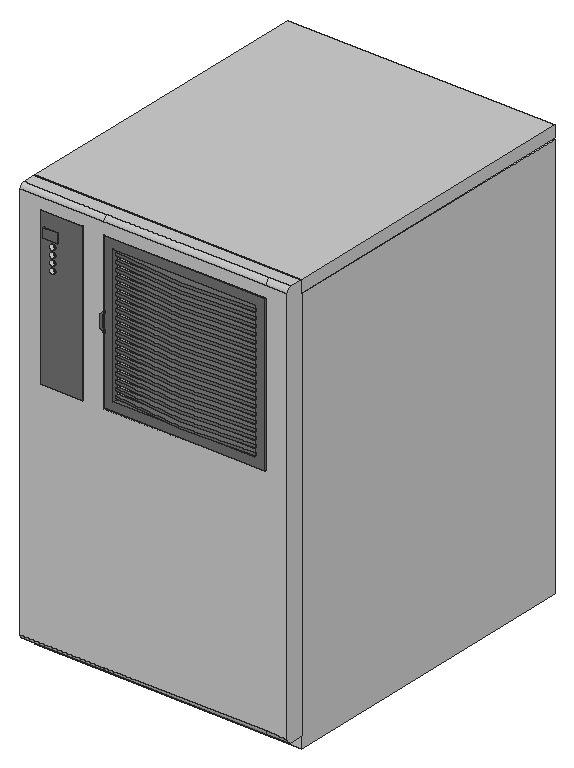
Revit family "QF_HOSHIZAKI_IM-240ANE-23", category Specialty Equipment, Revit 2016
Family settings
  Part Type = Normal
  Round Connector Dimension = Use Diameter
  OmniClass Number = 23.40.40.14
  OmniClass Title = Food Service Equipment
  Work Plane-Based = No
  Always vertical = Yes
  Cut with Voids When Loaded = No
  Shared = No
  Room Calculation Point = No
Parameters (values of type "IM-240ANE-23_230V/1Ph/50Hz")
  Weight = 80.00 kg
  Waste Remarks [instance] = ""
  Volts = 230 V
  URL Cutsheet = ""
  URL = "www.hoshizaki-europe.com"
  Status [instance] = ""
  Specification by User [instance] = ""
  Specification by Manufacturer [instance] = ""
  Serial Number = ""
  Seismic Rating = ""
  SMACNA No = ""
  Revision Code [instance] = ""
  Phase = 1
  Number of Poles = 2
  NAFEM Spec ID Number = ""
  Model = "IM-240ANE-23"
  Min Ckt Ampacity = 0 A
  Max Overcurrent Protection = 0 A
  Masterspec = ""
  Manufacturer = "HOSHIZAKI"
  Length Actual = 560 mm
  Item Number [instance] = ""
  Installed By [instance] = ""
  Indirect Waste Size = 19.05 mm
  Indirect Waste Connection Type [instance] = ""
  Indirect Waste Connection Height [instance] = 40 mm
  Identify Quantity as Lot [instance] = no
  Height Actual = 880 mm
  HP power = ""
  Furnished By [instance] = ""
  Foodservice Equipment Identifier [instance] = yes
  FL Amps = 20 A
  Electric power = 1320 W
  Electric Connection Type [instance] = ""
  Elec Conn RI Height [instance] = 0 mm
  Elec Conn Connection Height [instance] = 770 mm
  Direct Waste RI Height [instance] = 0 mm
  Description = "MODULAR IM ICE MAKER, 240KG PER 24 HOURS, MEDIUM CUBE"
  Depth Actual = 700 mm
  Cycle = 50 Hz
  Cost = 0
  Conn Plug = ""
  Conn Conduit = no
  Cold Water Temperature Recommended = 0 °C
  Cold Water Size = 19.05 mm
  Cold Water Flow = 0.0 L/s
  Cold Water Connection Height [instance] = 415 mm
  CSI MasterFormat = ""
  Assembly Code = "E1090320"
  Apparent Power = 1320 VA
  Accessory = no
Types (2, lengths in mm): name | Volts | Cycle
  IM-240ANE-23_230V/1Ph/50Hz | 230 V | 50 Hz
  IM-240ANE-23_240V/1Ph/60Hz | 240 V | 60 Hz
Reference planes
  plane 1 "Center (Front/Back)": y = 0
  plane 2: z = 0
  plane 3 "Center (Left/Right)": x = 0
Forms (mm)
  Extrusion 1, solid, not visible
    sketch origin (48, -2, 414) x (1, 0, 0) y (0, 1, 0)
      loop
        line (0, 0) -> (2, 0) -> (2, 2) -> (0, 2) -> (0, 0)
    from 0 to 2
  Extrusion 2, solid, not visible
    sketch origin (71, -2, 39) x (1, 0, 0) y (0, 1, 0)
      loop
        line (0, 0) -> (2, 0) -> (2, 2) -> (0, 2) -> (0, 0)
    from 0 to 2
  Extrusion 3, solid, not visible
    sketch origin (31, -17, 769) x (1, 0, 0) y (0, 1, 0)
      loop
        line (0, 0) -> (2, 0) -> (2, 2) -> (0, 2) -> (0, 0)
    from 0 to 2
  Extrusion 4, solid, not visible
    sketch origin (48, -2, 414) x (1, 0, 0) y (0, 1, 0)
      loop
        line (0, 0) -> (2, 0) -> (2, 2) -> (0, 2) -> (0, 0)
    from 0 to 2
  Extrusion 5, solid, not visible
    sketch origin (71, -2, 39) x (1, 0, 0) y (0, 1, 0)
      loop
        line (0, 0) -> (2, 0) -> (2, 2) -> (0, 2) -> (0, 0)
    from 0 to 2
  Extrusion 6, solid, not visible
    sketch origin (31, -17, 769) x (1, 0, 0) y (0, 1, 0)
      loop
        line (0, 0) -> (2, 0) -> (2, 2) -> (0, 2) -> (0, 0)
    from 0 to 2
Dimensions and locks
  aligned and locked: level to plane 2
Nested families
  nested 1: "QF_HOSHIZAKI_IM-240ANE-23_230V_1Ph_50Hz" at (0, 0, 0), type "IM-240ANE-23_230V/1Ph/50Hz"
    with Waste Water Discharge Temperature 0 °C, Status "", Specification by User "", Show Clearance yes, Revision Code "", Plumbing Remarks "", Plumbing Connection Type "", Number of Poles 1, Item Number "", Installed By "", Indirect Waste Connection Type "", Indirect Waste Connection Height 40 mm, Identify Quantity as Lot no, Furnished By "", Foodservice Equipment Identifier yes, Electrical Remarks "", Electric Connection Type "", Elec Conn RI Height 0 mm, Elec Conn Connection Height 770 mm, Conn Conduit no, Cold Water RI Height 415 mm, Cold Water Flow 0.0 L/s, Cold Water Consumption "", Cold Water Connection Height 415 mm
Connectors
  piping at (49, 0, 415), diameter 19.05, driven by "Cold Water Size", driven by "Cold Water Flow"
    settings: on Extrusion 1, index 1, connector inside diameter 609.6 mm, connector length 0 mm, flow factor 0, pipe flow 0.0 L/s, pressure drop 0.0 Pa, fitting loss kfactor 0, connector angle 0.00°, fixture units 0, engagement length 0 mm, angle of deflection 0.00°, flow configuration 1, flow direction 1, fitting loss method 0, system type 20, joint type 0, gender type 0, connector reference index -1, connector utility 0, adjustable connector no, is connector primary yes, connector description "Cold Water connection for 'IM-240ANE-23'"
  piping at (72, 0, 40), diameter 19.05, driven by "Indirect Waste Size"
    settings: on Extrusion 2, index 2, connector inside diameter 609.6 mm, connector length 0 mm, flow factor 0, pipe flow 0.0 L/s, pressure drop 0.0 Pa, fitting loss kfactor 0, connector angle 0.00°, fixture units 0, engagement length 0 mm, angle of deflection 0.00°, flow configuration 1, flow direction 2, fitting loss method 0, system type 16, joint type 0, gender type 0, connector reference index -1, connector utility 0, adjustable connector no, is connector primary no, connector description "Drain connection for 'IM-240ANE-23'"
  electrical at (32, -15, 770), driven by "Apparent Power", driven by "Number of Poles", driven by "Volts"
    settings: on Extrusion 3, index 3, voltage 230 V, apparent load 0 VA, apparent load phase1 1320 VA, apparent load phase2 0 VA, apparent load phase3 0 VA, power factor 1, load classification "Other", number of poles 2, system type 31, power factor state 1, is connector primary yes, connector utility no, sub classification motor no, connector description "Electric connection for 'IM-240ANE-23'"
  piping at (49, 0, 415), diameter 19.05, driven by "Cold Water Size", driven by "Cold Water Flow"
    settings: on Extrusion 4, index 4, connector inside diameter 609.6 mm, connector length 0 mm, flow factor 0, pipe flow 0.0 L/s, pressure drop 0.0 Pa, fitting loss kfactor 0, connector angle 0.00°, fixture units 0, engagement length 0 mm, angle of deflection 0.00°, flow configuration 1, flow direction 1, fitting loss method 0, system type 20, joint type 0, gender type 0, connector reference index -1, connector utility 0, adjustable connector no, is connector primary no, connector description "Cold Water connection for 'IM-240ANE-23'"
  piping at (72, 0, 40), diameter 19.05, driven by "Indirect Waste Size"
    settings: on Extrusion 5, index 5, connector inside diameter 609.6 mm, connector length 0 mm, flow factor 0, pipe flow 0.0 L/s, pressure drop 0.0 Pa, fitting loss kfactor 0, connector angle 0.00°, fixture units 0, engagement length 0 mm, angle of deflection 0.00°, flow configuration 1, flow direction 2, fitting loss method 0, system type 16, joint type 0, gender type 0, connector reference index -1, connector utility 0, adjustable connector no, is connector primary no, connector description "Drain connection for 'IM-240ANE-23'"
  electrical at (32, -15, 770), driven by "Apparent Power", driven by "Number of Poles", driven by "Volts"
    settings: on Extrusion 6, index 6, voltage 230 V, apparent load 0 VA, apparent load phase1 1320 VA, apparent load phase2 0 VA, apparent load phase3 0 VA, power factor 1, load classification "Other", number of poles 2, system type 31, power factor state 1, is connector primary no, connector utility no, sub classification motor no, connector description "Electric connection for 'IM-240ANE-23'"
Definition of nested family "QF_HOSHIZAKI_IM-240ANE-23_230V_1Ph_50Hz"
  Parameters (values of type "IM-240ANE-23_230V/1Ph/50Hz")
    Weight in Pounds = 176.3696
    Electric power = 1320 W
    Waste Water Discharge Temperature [instance] = 0 °C
    Volts = 230 V
    URL Cutsheet = "www.hoshizaki-europe.com"
    URL = "www.hoshizaki-europe.com"
    Status [instance] = ""
    Specification by User [instance] = ""
    Specification by Manufacturer = ""
    Show Clearance [instance] = yes
    Serial Number = ""
    Seismic Rating = ""
    SMACNA No = ""
    Revision Code [instance] = ""
    Plumbing Remarks [instance] = ""
    Plumbing Connection Type [instance] = ""
    Phase = 1
    Number of Poles [instance] = 1
    NAFEM Spec ID Number = ""
    Model = "IM-240ANE-23"
    Min Ckt Ampacity = 0 A
    Max Overcurrent Protection = 0 A
    Masterspec = ""
    Manufacturer = "HOSHIZAKI"
    Item Number [instance] = ""
    Installed By [instance] = ""
    Indirect Waste Size = 19.05 mm
    Indirect Waste Flow = 0.0 L/s
    Indirect Waste Connection Type [instance] = ""
    Indirect Waste Connection Height [instance] = 40 mm
    Identify Quantity as Lot [instance] = no
    HP power = "1.770146400000"
    Furnished By [instance] = ""
    Foodservice Equipment Identifier [instance] = yes
    FL Amps = 20 A
    Electrical Remarks [instance] = ""
    Electric Connection Type [instance] = ""
    Elec Conn RI Height [instance] = 0 mm
    Elec Conn Connection Height [instance] = 770 mm
    Description = "MODULAR IM ICE MAKER, 240KG PER 24 HOURS, MEDIUM CUBE"
    Cycle = 50 Hz
    Conn Plug = ""
    Conn Conduit [instance] = no
    Cold Water Temperature Recommended = 35 °C
    Cold Water Size = 19.05 mm
    Cold Water RI Height [instance] = 415 mm
    Cold Water Minimum Pressure = 70000.0 Pa
    Cold Water Maximum Pressure = 780000.0 Pa
    Cold Water Flow [instance] = 0.0 L/s
    Cold Water Consumption [instance] = ""
    Cold Water Connection Height [instance] = 415 mm
    CSI MasterFormat = ""
    Assembly Code = "E1090320"
    Apparent Power = 1320 VA
  Types (12, lengths in mm): name | Weight in Pounds | Electric power | Phase | Model | Indirect Waste Size | Indirect Waste Connection Height | Identify Quantity as Lot | HP power | Elec Conn Connection Height | Description | Conn Conduit | Cold Water Size | Cold Water RI Height | Cold Water Connection Height | Apparent Power
    (no name) | 0 | 0 W | 0 | "" | 0 | 0 | yes | "" | 0 | "" | yes | 0 | 0 | 0 | 0 VA
    IM-130ANE-HC | 149.9142 | 630 W | 1 | "IM-130ANE-HC" | 19.05 | 40 | no | "0.844842600000" | 770 | "EMERALD CLASS IM HYDROCARBON ICE MAKER, 125KG PER 24 HOURS, LARGE CUBE, MODULAR" | no | 12.7 | 415 | 415 | 630 VA
    IM-130ANE-HC-23 | 149.9142 | 630 W | 1 | "IM-130ANE-HC-23" | 19.05 | 40 | no | "0.844842600000" | 770 | "EMERALD CLASS IM HYDROCARBON ICE MAKER, 125KG PER 24 HOURS, MEDIUM CUBE, MODULAR" | no | 12.7 | 415 | 415 | 630 VA
    IM-240ANE-HC | 171.9604 | 930 W | 1 | "IM-240ANE-HC" | 19.05 | 40 | no | "1.247148600000" | 770 | "EMERALD CLASS IM HYDROCARBON ICE MAKER, 235KG PER 24 HOURS, LARGE CUBE, MODULAR" | no | 19.05 | 415 | 415 | 930 VA
    IM-240ANE-HC-21 | 171.9604 | 930 W | 1 | "IM-240ANE-HC-21" | 19.05 | 40 | no | "1.247148600000" | 770 | "EMERALD CLASS IM HYDROCARBON ICE MAKER, 235KG PER 24 HOURS, EXTRA SMALL CUBE, MODULAR" | no | 19.05 | 415 | 415 | 930 VA
    IM-240ANE-HC-23 | 171.9604 | 930 W | 1 | "IM-240ANE-HC-23" | 19.05 | 40 | no | "1.247148600000" | 770 | "EMERALD CLASS IM HYDROCARBON ICE MAKER, 235KG PER 24 HOURS, MEDIUM CUBE, MODULAR" | no | 19.05 | 415 | 415 | 930 VA
    IM-240ANE-HC-32 | 171.9604 | 930 W | 1 | "IM-240ANE-HC-32" | 19.05 | 40 | no | "1.247148600000" | 770 | "EMERALD CLASS IM HYDROCARBON ICE MAKER, 235KG PER 24 HOURS, EXTRA LARGE CUBE, MODULAR" | no | 19.05 | 415 | 415 | 930 VA
    IM-240ANE | 176.3696 | 1320 W | 1 | "IM-240ANE" | 19.05 | 40 | no | "1.770146400000" | 770 | "MODULAR IM ICE MAKER, 240KG PER 24 HOURS, LARGE CUBE" | no | 19.05 | 415 | 415 | 1320 VA
    IM-240ANE-21 | 176.3696 | 1320 W | 1 | "IM-240ANE-21" | 19.05 | 40 | no | "1.770146400000" | 770 | "MODULAR IM ICE MAKER, 240KG PER 24 HOURS, EXTRA SMALL CUBE" | no | 19.05 | 415 | 415 | 1320 VA
    IM-240ANE-23_230V/1Ph/50Hz | 176.3696 | 1320 W | 1 | "IM-240ANE-23" | 19.05 | 40 | no | "1.770146400000" | 770 | "MODULAR IM ICE MAKER, 240KG PER 24 HOURS, MEDIUM CUBE" | no | 19.05 | 415 | 415 | 1320 VA
    IM-240AWNE | 176.3696 | 1320 W | 1 | "IM-240AWNE" | 19.05 | 40 | no | "1.770146400000" | 770 | "MODULAR IM ICE MAKER, 240KG PER 24 HOURS, LARGE CUBE, WATER COOLED" | no | 19.05 | 415 | 415 | 1320 VA
    IM-240AWNE-23 | 176.3696 | 1320 W | 1 | "IM-240AWNE-23" | 19.05 | 40 | no | "1.770146400000" | 770 | "MODULAR IM ICE MAKER, 240KG PER 24 HOURS, MEDIUM CUBE, WATER COOLED" | no | 19.05 | 415 | 415 | 1320 VA
  Values of the unnamed type that differ from the named types
    Waste Water Discharge Temperature = -273.15 °C
    Volts = 0 V
    URL Cutsheet = ""
    URL = ""
    Manufacturer = ""
    FL Amps = 0 A
    Cycle = 0 Hz
    Cold Water Temperature Recommended = -273.15 °C
    Cold Water Minimum Pressure = 0.0 Pa
    Cold Water Maximum Pressure = 0.0 Pa
  Reference planes
    plane 1 "Back": y = 0
    plane 2: z = 0
    plane 3 "Left": x = 0
    plane 4 "Right": x = 560
    plane 5 "Front": y = -700
    plane 6 "Top": z = 880
  Forms (mm)
    Extrusion 1, solid
      sketch origin (0, 0, 40) x (0, 1, 0) y (0, 0, 1)
        loop
          line (0, -40) -> (0, 813) -> (-663, 813) -> (-663, -40) -> (0, -40)
      from 0 to 560
    Extrusion 2, solid
      sketch origin (-357.75, -249, 573) x (0, 1, 0) y (0, 0, 1)
        loop
          line (-414, -550) -> (-414, 307) -> (-441, 307)
          arc (-441, 307) -> (-448.071, 304.071) -> (-451, 297) r 10
          line (-451, 297) -> (-451, -540)
          arc (-451, -540) -> (-448.071, -547.071) -> (-441, -550) r 10
          line (-441, -550) -> (-414, -550)
      from 533.75 to 357.75
    Extrusion 3, solid
      sketch origin (0, 0, 185) x (0, 1, 0) y (0, 0, 1)
        loop
          line (-663, 695) -> (-663, 670) -> (0, 670) -> (0, 695) -> (-663, 695)
      from 560 to 0
    Extrusion 4, solid
      sketch origin (-59.168, -700, 607.328) x (1, 0, 0) y (0, 0, 1)
        loop
          line (103.168, 239.672) -> (103.168, -87.328) -> (191.168, -87.328) -> (191.168, 239.672) -> (103.168, 239.672)
      from 0 to 2
    Extrusion 5, solid
      sketch origin (-184.608, -702, 607.328) x (1, 0, 0) y (0, 0, 1)
        loop
          line (235.856, 210.572) -> (235.856, 190.572) -> (265.856, 190.572) -> (265.856, 210.572) -> (235.856, 210.572)
      from 0 to 2
    Extrusion 6, solid
      sketch origin (-177.859, -702, 607.328) x (1, 0, 0) y (0, 0, 1)
        loop
          circle (248.239, 179.635) r 5
        loop
          circle (248.239, 164.635) r 5
        loop
          circle (248.239, 149.635) r 5
        loop
          circle (248.239, 134.635) r 5
      from 0 to 2
    Extrusion 7, solid
      sketch origin (205.924, 29, 647) x (0, 1, 0) y (0, 0, 1)
        loop
          line (-29, 123) -> (16, 123) -> (16, 164.349) -> (0, 192.062) -> (0, 206) -> (-29, 206) -> (-29, 123)
      from -147.876 to -200
    Extrusion 8, solid
      sketch origin (72, 33, 40) x (1, 0, 0) y (0, 0, 1)
        loop
          circle (0, 0) r 14
        loop
          circle (0, 0) r 12
      from 0 to 33
    Extrusion 9, solid
      sketch origin (49, 33, 415) x (1, 0, 0) y (0, 0, 1)
        loop
          circle (0, 0) r 14
        loop
          circle (0, 0) r 12
      from 4 to 33
    Extrusion 10, solid
      sketch origin (516, -249, 573) x (0, 1, 0) y (0, 0, 1)
        loop
          line (-414, -550) -> (-414, 307) -> (-441, 307)
          arc (-441, 307) -> (-448.071, 304.071) -> (-451, 297) r 10
          line (-451, 297) -> (-451, -540)
          arc (-451, -540) -> (-448.071, -547.071) -> (-441, -550) r 10
          line (-441, -550) -> (-414, -550)
      from 0 to 44
    Extrusion 11, solid
      sketch origin (176, -249, 573) x (0, 1, 0) y (0, 0, 1)
        loop
          line (-414, -550) -> (-414, -53) -> (-451, -53) -> (-451, -540)
          arc (-451, -540) -> (-448.071, -547.071) -> (-441, -550) r 10
          line (-441, -550) -> (-414, -550)
        loop
          line (-451, 297) -> (-451, 274) -> (-414, 274) -> (-414, 307) -> (-441, 307)
          arc (-441, 307) -> (-448.071, 304.071) -> (-451, 297) r 10
      from 0 to 340
    Extrusion 12, solid
      sketch origin (60.75, -852, 508) x (1, 0, 0) y (0, 0, 1)
        loop
          line (117.25, 337) -> (117.25, 14) -> (453.25, 14) -> (453.25, 337) -> (117.25, 337)
        loop
          line (135.25, 319) -> (135.25, 32) -> (435.25, 32) -> (435.25, 319) -> (135.25, 319)
      from -150 to -160
    Extrusion 13, solid
      sketch origin (60.75, -249, 650) x (1, 0, 0) y (0, 1, 0)
        loop
          line (135.25, -443) -> (135.25, -448.703)
          arc (135.25, -448.703) -> (285.097, -461.54) -> (435.25, -453) r 1057.927
          line (435.25, -453) -> (435.25, -443) -> (135.25, -443)
      from 0 to 5
    Extrusion 14, solid
      sketch origin (60.75, -249, 665) x (1, 0, 0) y (0, 1, 0)
        loop
          line (135.25, -443) -> (135.25, -448.703)
          arc (135.25, -448.703) -> (285.097, -461.54) -> (435.25, -453) r 1057.927
          line (435.25, -453) -> (435.25, -443) -> (135.25, -443)
      from 0 to 5
    Extrusion 15, solid
      sketch origin (60.75, -249, 680) x (1, 0, 0) y (0, 1, 0)
        loop
          line (135.25, -443) -> (135.25, -448.703)
          arc (135.25, -448.703) -> (285.097, -461.54) -> (435.25, -453) r 1057.927
          line (435.25, -453) -> (435.25, -443) -> (135.25, -443)
      from 0 to 5
    Extrusion 16, solid
      sketch origin (60.75, -249, 695) x (1, 0, 0) y (0, 1, 0)
        loop
          line (135.25, -443) -> (135.25, -448.703)
          arc (135.25, -448.703) -> (285.097, -461.54) -> (435.25, -453) r 1057.927
          line (435.25, -453) -> (435.25, -443) -> (135.25, -443)
      from 0 to 5
    Extrusion 17, solid
      sketch origin (60.75, -249, 710) x (1, 0, 0) y (0, 1, 0)
        loop
          line (135.25, -443) -> (135.25, -448.703)
          arc (135.25, -448.703) -> (285.097, -461.54) -> (435.25, -453) r 1057.927
          line (435.25, -453) -> (435.25, -443) -> (135.25, -443)
      from 0 to 5
    Extrusion 18, solid
      sketch origin (60.75, -249, 725) x (1, 0, 0) y (0, 1, 0)
        loop
          line (135.25, -443) -> (135.25, -448.703)
          arc (135.25, -448.703) -> (285.097, -461.54) -> (435.25, -453) r 1057.927
          line (435.25, -453) -> (435.25, -443) -> (135.25, -443)
      from 0 to 5
    Extrusion 19, solid
      sketch origin (60.75, -249, 740) x (1, 0, 0) y (0, 1, 0)
        loop
          line (135.25, -443) -> (135.25, -448.703)
          arc (135.25, -448.703) -> (285.097, -461.54) -> (435.25, -453) r 1057.927
          line (435.25, -453) -> (435.25, -443) -> (135.25, -443)
      from 0 to 5
    Extrusion 20, solid
      sketch origin (60.75, -249, 755) x (1, 0, 0) y (0, 1, 0)
        loop
          line (135.25, -443) -> (135.25, -448.703)
          arc (135.25, -448.703) -> (285.097, -461.54) -> (435.25, -453) r 1057.927
          line (435.25, -453) -> (435.25, -443) -> (135.25, -443)
      from 0 to 5
    Extrusion 21, solid
      sketch origin (60.75, -249, 770) x (1, 0, 0) y (0, 1, 0)
        loop
          line (135.25, -443) -> (135.25, -448.703)
          arc (135.25, -448.703) -> (285.097, -461.54) -> (435.25, -453) r 1057.927
          line (435.25, -453) -> (435.25, -443) -> (135.25, -443)
      from 0 to 5
    Extrusion 22, solid
      sketch origin (60.75, -249, 785) x (1, 0, 0) y (0, 1, 0)
        loop
          line (135.25, -443) -> (135.25, -448.703)
          arc (135.25, -448.703) -> (285.097, -461.54) -> (435.25, -453) r 1057.927
          line (435.25, -453) -> (435.25, -443) -> (135.25, -443)
      from 0 to 5
    Extrusion 23, solid
      sketch origin (60.75, -249, 800) x (1, 0, 0) y (0, 1, 0)
        loop
          line (135.25, -443) -> (135.25, -448.703)
          arc (135.25, -448.703) -> (285.097, -461.54) -> (435.25, -453) r 1057.927
          line (435.25, -453) -> (435.25, -443) -> (135.25, -443)
      from 0 to 5
    Extrusion 24, solid
      sketch origin (60.75, -249, 815) x (1, 0, 0) y (0, 1, 0)
        loop
          line (135.25, -443) -> (135.25, -448.703)
          arc (135.25, -448.703) -> (285.097, -461.54) -> (435.25, -453) r 1057.927
          line (435.25, -453) -> (435.25, -443) -> (135.25, -443)
      from 0 to 5
    Extrusion 25, solid
      sketch origin (30.75, -900, 451.571) x (1, 0, 0) y (0, 0, 1)
        loop
          line (147.25, 254) -> (138.179, 244.929) -> (138.179, 218.929) -> (147.25, 209.858) -> (147.25, 216.929) -> (143.179, 221) -> (143.179, 242.858) -> (147.25, 246.929) -> (147.25, 254)
      from -198 to -200
    Extrusion 26, solid
      sketch origin (60.75, -249, 590) x (1, 0, 0) y (0, 1, 0)
        loop
          line (135.25, -443) -> (135.25, -448.703)
          arc (135.25, -448.703) -> (285.097, -461.54) -> (435.25, -453) r 1057.927
          line (435.25, -453) -> (435.25, -443) -> (135.25, -443)
      from 0 to 5
    Extrusion 27, solid
      sketch origin (60.75, -249, 605) x (1, 0, 0) y (0, 1, 0)
        loop
          line (135.25, -443) -> (135.25, -448.703)
          arc (135.25, -448.703) -> (285.097, -461.54) -> (435.25, -453) r 1057.927
          line (435.25, -453) -> (435.25, -443) -> (135.25, -443)
      from 0 to 5
    Extrusion 28, solid
      sketch origin (60.75, -249, 620) x (1, 0, 0) y (0, 1, 0)
        loop
          line (135.25, -443) -> (135.25, -448.703)
          arc (135.25, -448.703) -> (285.097, -461.54) -> (435.25, -453) r 1057.927
          line (435.25, -453) -> (435.25, -443) -> (135.25, -443)
      from 0 to 5
    Extrusion 29, solid
      sketch origin (60.75, -249, 635) x (1, 0, 0) y (0, 1, 0)
        loop
          line (135.25, -443) -> (135.25, -448.703)
          arc (135.25, -448.703) -> (285.097, -461.54) -> (435.25, -453) r 1057.927
          line (435.25, -453) -> (435.25, -443) -> (135.25, -443)
      from 0 to 5
    Extrusion 30, solid
      sketch origin (60.75, -249, 545) x (1, 0, 0) y (0, 1, 0)
        loop
          line (135.25, -443) -> (135.25, -448.703)
          arc (135.25, -448.703) -> (285.097, -461.54) -> (435.25, -453) r 1057.927
          line (435.25, -453) -> (435.25, -443) -> (135.25, -443)
      from 0 to 5
    Extrusion 31, solid
      sketch origin (60.75, -249, 560) x (1, 0, 0) y (0, 1, 0)
        loop
          line (135.25, -443) -> (135.25, -448.703)
          arc (135.25, -448.703) -> (285.097, -461.54) -> (435.25, -453) r 1057.927
          line (435.25, -453) -> (435.25, -443) -> (135.25, -443)
      from 0 to 5
    Extrusion 32, solid
      sketch origin (60.75, -249, 575) x (1, 0, 0) y (0, 1, 0)
        loop
          line (135.25, -443) -> (135.25, -448.703)
          arc (135.25, -448.703) -> (285.097, -461.54) -> (435.25, -453) r 1057.927
          line (435.25, -453) -> (435.25, -443) -> (135.25, -443)
      from 0 to 5
  Cuts and joins
    joined: Extrusion 2, Extrusion 10, Extrusion 11
  Lines and regions (mm)
    symbolic lines
      curve 1: line (0, 0, 0) -> (560, 0, 0)
      curve 2: line (0, -700, 0) -> (0, 0, 0)
      curve 3: line (560, -700, 0) -> (0, -700, 0)
      curve 4: line (560, 0, 0) -> (560, -700, 0)
      curve 5: line (5.924, 0, 0) -> (5.924, 45, 0)
      curve 6: line (58.048, 45, 0) -> (58.048, 0, 0)
      curve 7: line (0, -663, 0) -> (560, -663, 0)
      curve 8: line (5.924, 45, 0) -> (58.048, 45, 0)
      curve 9: line (58.048, 33, 0) -> (86, 33, 0)
      curve 10: line (86, 33, 0) -> (86, 0, 0)
  Dimensions and locks
    aligned and locked: level to plane 2
    aligned and locked: Extrusion 4 sketch curve to Extrusion 4 sketch curve
  Connectors
    piping at (72, 33, 40), diameter 19.05, driven by "Indirect Waste Size", driven by "Indirect Waste Flow"
      settings: on Extrusion 8, index 1, connector inside diameter 609.6 mm, connector length 0 mm, flow factor 0, pipe flow 0.0 L/s, pressure drop 0.0 Pa, fitting loss kfactor 0, connector angle 0.00°, fixture units 0, engagement length 0 mm, angle of deflection 0.00°, flow configuration 1, flow direction 2, fitting loss method 0, system type 16, joint type 0, gender type 0, connector reference index -1, connector utility 0, adjustable connector no, is connector primary yes, connector description "Indirect Waste Connection"
    electrical at (31.986, 22.5, 770), driven by "Apparent Power", driven by "Volts", driven by "Number of Poles"
      settings: on Extrusion 7, index 2, voltage 230 V, apparent load 0 VA, apparent load phase1 1320 VA, apparent load phase2 0 VA, apparent load phase3 0 VA, power factor 1, load classification none, number of poles 1, system type 31, power factor state 1, is connector primary yes, connector utility no, sub classification motor no, connector description "Electrical connection"
    piping at (49, 29, 415), diameter 19.05, driven by "Cold Water Size", driven by "Cold Water Flow"
      settings: on Extrusion 9, index 3, connector inside diameter 609.6 mm, connector length 0 mm, flow factor 0, pipe flow 0.0 L/s, pressure drop 0.0 Pa, fitting loss kfactor 0, connector angle 0.00°, fixture units 0, engagement length 0 mm, angle of deflection 0.00°, flow configuration 1, flow direction 1, fitting loss method 0, system type 20, joint type 0, gender type 0, connector reference index -1, connector utility 0, adjustable connector no, is connector primary no, connector description "Cold Water onnection"
